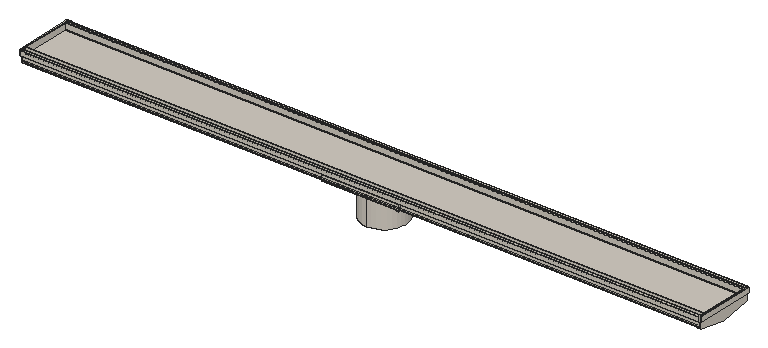
Revit family "Drain_Channel_Nero_TileInsert_80mmOutlet", category Plumbing Fixtures, Revit 2022
Family settings
  Round Connector Dimension = Use Diameter
  Part Type = Normal
  OmniClass Number = 23.31.00.00
  OmniClass Title = Plumbing Specific Products and Equipment
  Work Plane-Based = No
  Always vertical = Yes
  Cut with Voids When Loaded = Yes
  Maintain Annotation Orientation = No
  Shared = No
  Room Calculation Point = No
Parameters (values of type "Brushed Nickel (NRFG009HSBN)")
  Waste Connection = no
  WFU = 0
  Vent Connection = no
  Uniclass2015Version = "Products v1.35"
  Uniclass2015Title = "Drainage channels with gratings"
  Uniclass2015Code = "Pr_65_52_24_24"
  URL = "https://nerotapware.com.au/"
  Type Comments = "Drain - Channel - 80mm Outlet - Brushed Nickel"
  ModifiedIssue = 20251105
  Model = "NRFG009HSBN"
  Material = Metal_Nickel_Nero_Brushed
  ManufacturerURLProductSpecific = "https://nerotapware.com.au/product/tile-insert-v-channel-1200mm-floor-grate-80mm-outlet-with-hole-saw-brushed-nickel-nrfg009hsbn/"
  ManufacturerSpecCode = "NRFG009HSBN"
  ManufacturerOverallWidth = 1200 mm
  ManufacturerOverallHeight = 76 mm
  ManufacturerOverallDepth = 106 mm
  Manufacturer = "Nero"
  IfcExportType = "USERDEFINED"
  IfcExportAs = "IfcFurnitureType"
  HWFU = 0
  HW Connection = yes
  Description = "Tile Insert V Channel 1200mm Floor Grate 80mm Outlet With Hole Saw Brushed Nickel"
  Default Elevation = 0 mm
  CreatedByURL = "https://igsgroup.com.au"
  CreatedBy = "IGS BIM Solutions"  # constant formula
  CWFU = 0
  CW Connection = yes
  Assembly Code = "D2010"
Types (7, lengths in mm): name | Type Comments | Model | Material | ManufacturerURLProductSpecific | ManufacturerSpecCode | ManufacturerOverallWidth | Description
  Brushed Gold (NRFG009HSBG) | "Drain - Channel - 80mm Outlet - Brushed Gold" | "NRFG009HSBG" | Metal_Gold_Nero_Brushed | "https://nerotapware.com.au/product/tile-insert-v-channel-1200mm-floor-grate-80mm-outlet-with-hole-saw-brushed-gold-nrfg009hsbg/" | "NRFG009HSBG" | 1200 | "Tile Insert V Channel 1200mm Floor Grate 80mm Outlet With Hole Saw Brushed Gold"
  Brushed Nickel (NRFG009HSBN) | "Drain - Channel - 80mm Outlet - Brushed Nickel" | "NRFG009HSBN" | Metal_Nickel_Nero_Brushed | "https://nerotapware.com.au/product/tile-insert-v-channel-1200mm-floor-grate-80mm-outlet-with-hole-saw-brushed-nickel-nrfg009hsbn/" | "NRFG009HSBN" | 1200 | "Tile Insert V Channel 1200mm Floor Grate 80mm Outlet With Hole Saw Brushed Nickel"
  Matte Black (NRFG009HSMB) | "Drain - Channel - 80mm Outlet - Matte Black" | "NRFG009HSMB" | Metal_MatteBlack_Nero | "https://nerotapware.com.au/product/tile-insert-v-channel-1200mm-floor-grate-80mm-outlet-with-hole-saw-matte-black-nrfg009hsmb/" | "NRFG009HSMB" | 1200 | "Tile Insert V Channel 1200mm Floor Grate 80mm Outlet With Hole Saw Matte Black"
  Brushed Bronze (NRFG008HSBZ) | "Drain - Channel - 80mm Outlet - Brushed Bronze" | "NRFG008HSBZ" | Metal_Bronze_Nero_Brushed | "https://nerotapware.com.au/product/tile-insert-v-channel-600mm-floor-grate-80mm-outlet-with-hole-saw-brushed-bronze-nrfg008hsbz/" | "NRFG008HSBZ" | 600 | "Tile Insert V Channel 600mm Floor Grate 80mm Outlet With Hole Saw Brushed Bronze"
  Brushed Nickel (NRFG008HSBN) | "Drain - Channel - 80mm Outlet - Brushed Nickel" | "NRFG008HSBN" | Metal_Nickel_Nero_Brushed | "https://nerotapware.com.au/product/tile-insert-v-channel-600mm-floor-grate-80mm-outlet-with-hole-saw-brushed-nickel-nrfg008hsbn/" | "NRFG008HSBN" | 600 | "Tile Insert V Channel 600mm Floor Grate 80mm Outlet With Hole Saw Brushed Nickel"
  Brushed Gold (NRFG008HSBG) | "Drain - Channel - 80mm Outlet - Brushed Gold" | "NRFG008HSBG" | Metal_Gold_Nero_Brushed | "https://nerotapware.com.au/product/tile-insert-v-channel-600mm-floor-grate-80mm-outlet-with-hole-saw-brushed-gold-nrfg008hsbg/" | "NRFG008HSBG" | 600 | "Tile Insert V Channel 600mm Floor Grate 80mm Outlet With Hole Saw Brushed Gold"
  Matte Black (NRFG008HSMB) | "Drain - Channel - 80mm Outlet - Matte Black" | "NRFG008HSMB" | Metal_MatteBlack_Nero | "https://nerotapware.com.au/product/tile-insert-v-channel-600mm-floor-grate-80mm-outlet-with-hole-saw-matte-black-nrfg008hsmb/" | "NRFG008HSMB" | 600 | "Tile Insert V Channel 600mm Floor Grate 80mm Outlet With Hole Saw Matte Black"
Reference planes
  plane 1 "Bottom": z = -76
  plane 2 "Ref. Level": z = 0
  plane 3 "Right": x = 636.665
  plane 4 "Left": x = -563.335
  plane 5 "Center (Front/Back)": y = 73.462
  plane 6 "Back": y = 126.462
  plane 7 "Center (Left/Right)": x = 36.665
  plane 8 "Top": z = 0
  plane 9 "Front": y = 20.462
  plane 10 "LeftOffset": x = -560.335
  plane 11 "RightOffset": x = 633.665
Forms (mm)
  Extrusion 1, void
    sketch origin (0, 0, 0) x (0, 1, 0) y (-1, 0, 0)
      loop
        line (126.462, 563.335) -> (20.462, 563.335) -> (20.462, -636.665) -> (126.462, -636.665) -> (126.462, 563.335)
    from -76 to 0
  Extrusion 2, solid, material "Metal_Nickel_Nero_Brushed" <- "Material"
    sketch origin (-636.066, 73.462, 1185) x (-1, 0, 0) y (0, 0, -1)
      loop
        line (-1272.731, 1194.5) -> (-1272.731, 1186.5)
        arc (-1272.731, 1186.5) -> (-1271.231, 1185) -> (-1269.731, 1186.5) r 1.5
        line (-1269.731, 1186.5) -> (-1269.731, 1218.618) -> (-1270.931, 1218.618) -> (-1270.931, 1186.5)
        arc (-1270.931, 1186.5) -> (-1271.231, 1186.2) -> (-1271.531, 1186.5) r 0.3
        line (-1271.531, 1186.5) -> (-1271.531, 1194.5) -> (-1272.731, 1194.5)
      loop
        line (-72.731, 1194.5) -> (-73.931, 1194.5) -> (-73.931, 1186.5)
        arc (-73.931, 1186.5) -> (-74.231, 1186.2) -> (-74.531, 1186.5) r 0.3
        line (-74.531, 1186.5) -> (-74.531, 1218.618) -> (-75.731, 1218.618) -> (-75.731, 1186.5)
        arc (-75.731, 1186.5) -> (-74.231, 1185) -> (-72.731, 1186.5) r 1.5
        line (-72.731, 1186.5) -> (-72.731, 1194.5)
    from -53 to 53
  Extrusion 3, solid, material "Metal_Nickel_Nero_Brushed" <- "Material"
    sketch origin (36.665, 85, -47.5) x (0, 1, 0) y (0, 0, 1)
      loop
        line (39.178, 26.037) -> (-11.538, 16.178) -> (-62.254, 26.037)
        arc (-62.254, 26.037) -> (-62.637, 26.265) -> (-62.788, 26.684) r 0.66
        line (-62.788, 26.684) -> (-62.788, 35.262) -> (-63.988, 35.262) -> (-63.988, 26.526)
        arc (-63.988, 26.526) -> (-63.607, 25.465) -> (-62.638, 24.889) r 1.668
        line (-62.638, 24.889) -> (-12.006, 15.047)
        arc (-12.006, 15.047) -> (-11.538, 15.002) -> (-11.069, 15.047) r 2.455
        line (-11.069, 15.047) -> (39.563, 24.889)
        arc (39.563, 24.889) -> (40.531, 25.465) -> (40.912, 26.526) r 1.668
        line (40.912, 26.526) -> (40.912, 35.262) -> (39.712, 35.262) -> (39.712, 26.684)
        arc (39.712, 26.684) -> (39.562, 26.265) -> (39.178, 26.037) r 0.66
    from -67.5 to 67.5
  Revolve 4, solid, material "Metal_Nickel_Nero_Brushed" <- "Material"
    sketch origin (36.665, 85, -47.5) x (0, 1, 0) y (0, 0, 1)
      loop
        line (-11.538, 25.093) -> (-11.538, -28.5) -> (26.462, -28.5) -> (26.462, 25.093) -> (-11.538, 25.093)
      axis (-11.538, -28.5) -> (-11.538, 25.093)
    angle from 0 to 360
  Extrusion 5, void
    sketch origin (-563.335, 0, 0) x (0, 1, 0) y (0, 0, -1)
      loop
        line (20.462, 0) -> (22.267, 0) -> (22.267, 19.902)
        arc (22.267, 19.902) -> (22.658, 20.993) -> (23.653, 21.586) r 1.717
        line (23.653, 21.586) -> (72.887, 31.238)
        arc (72.887, 31.238) -> (73.462, 31.294) -> (74.037, 31.238) r 2.99
        line (74.037, 31.238) -> (123.271, 21.586)
        arc (123.271, 21.586) -> (124.267, 20.993) -> (124.658, 19.902) r 1.717
        line (124.658, 19.902) -> (124.658, 0) -> (126.462, 0) -> (126.462, 33.618) -> (20.462, 33.618) -> (20.462, 0)
    from 2 to -5
  Extrusion 6, void
    sketch origin (636.665, 0, 0) x (0, 1, 0) y (0, 0, 1)
      loop
        line (126.462, -33.618) -> (126.462, 0) -> (124.658, 0) -> (124.658, -19.902)
        arc (124.658, -19.902) -> (124.267, -20.993) -> (123.271, -21.586) r 1.717
        line (123.271, -21.586) -> (74.037, -31.238)
        arc (74.037, -31.238) -> (73.462, -31.294) -> (72.887, -31.238) r 2.99
        line (72.887, -31.238) -> (23.653, -21.586)
        arc (23.653, -21.586) -> (22.658, -20.993) -> (22.267, -19.902) r 1.717
        line (22.267, -19.902) -> (22.267, 0) -> (20.462, 0) -> (20.462, -33.618) -> (126.462, -33.618)
    from 2 to -5
  Extrusion 7, solid, material "Metal_Nickel_Nero_Brushed" <- "Material"
    sketch origin (36.665, 85, -47.5) x (0, 1, 0) y (0, 0, 1)
      loop
        arc (31.762, 37.7) -> (31.469, 36.993) -> (30.762, 36.7) r 1
        line (30.762, 36.7) -> (-53.838, 36.7)
        arc (-53.838, 36.7) -> (-54.545, 36.993) -> (-54.838, 37.7) r 1
        line (-54.838, 37.7) -> (-54.838, 47.5) -> (-56.038, 47.5) -> (-56.038, 37.7)
        arc (-56.038, 37.7) -> (-55.425, 36.176) -> (-53.926, 35.502) r 2.2
        line (-53.926, 35.502) -> (-60.445, 27.752) -> (-59.495, 27.023) -> (-53.362, 34.3) -> (30.286, 34.3) -> (36.42, 27.023) -> (37.369, 27.752) -> (30.851, 35.502)
        arc (30.851, 35.502) -> (32.349, 36.176) -> (32.962, 37.7) r 2.2
        line (32.962, 37.7) -> (32.962, 47.5) -> (31.762, 47.5) -> (31.762, 37.7)
    from -597 to 597
  Extrusion 8, solid, material "Metal_Nickel_Nero_Brushed" <- "Material"
    sketch origin (36.665, 85, -47.5) x (0, 1, 0) y (0, 0, 1)
      loop
        line (38.455, 46.006) -> (38.455, 27.683)
        arc (38.455, 27.683) -> (38.312, 27.285) -> (37.948, 27.068) r 0.627
        line (37.948, 27.068) -> (-10.45, 17.586)
        arc (-10.45, 17.586) -> (-11.538, 17.48) -> (-12.625, 17.586) r 5.656
        line (-12.625, 17.586) -> (-61.024, 27.068)
        arc (-61.024, 27.068) -> (-61.387, 27.285) -> (-61.53, 27.683) r 0.627
        line (-61.53, 27.683) -> (-61.53, 46.006)
        arc (-61.53, 46.006) -> (-63.034, 47.509) -> (-64.538, 46.006) r 1.504
        line (-64.538, 46.006) -> (-64.538, 38) -> (-63.338, 38) -> (-63.338, 46.007)
        arc (-63.338, 46.007) -> (-63.036, 46.309) -> (-62.733, 46.007) r 0.302
        line (-62.733, 46.007) -> (-62.733, 27.598)
        arc (-62.733, 27.598) -> (-62.342, 26.507) -> (-61.347, 25.914) r 1.717
        line (-61.347, 25.914) -> (-12.113, 16.262)
        arc (-12.113, 16.262) -> (-11.538, 16.206) -> (-10.963, 16.262) r 2.99
        line (-10.963, 16.262) -> (38.271, 25.914)
        arc (38.271, 25.914) -> (39.267, 26.507) -> (39.658, 27.598) r 1.717
        line (39.658, 27.598) -> (39.658, 46.007)
        arc (39.658, 46.007) -> (39.96, 46.309) -> (40.262, 46.007) r 0.302
        line (40.262, 46.007) -> (40.262, 38) -> (41.462, 38) -> (41.462, 46.006)
        arc (41.462, 46.006) -> (39.959, 47.509) -> (38.455, 46.006) r 1.504
    from -597 to 597
Cuts and joins
  Extrusion 5, Extrusion 6 cuts Extrusion 2
Lines and regions (mm)
  Masking region 1
    outline origin (0, 0, 0) x (0, 1, 0) y (-1, 0, 0)
      loop
        line (124.658, 563.335) -> (22.267, 563.335) -> (22.267, 560.335) -> (20.462, 560.335) -> (20.462, -633.665) -> (22.267, -633.665) -> (22.267, -636.665) -> (124.658, -636.665) -> (124.658, -633.665) -> (126.462, -633.665) -> (126.462, 560.335) -> (124.658, 560.335) -> (124.658, 563.335)
  symbolic lines, style "Waste Outlets", detail levels medium+fine
    curve 1: line (-560.335, 123.455, 0) -> (-560.335, 23.47, 0)
    curve 2: line (-560.335, 23.47, 0) -> (633.665, 23.47, 0)
    curve 3: line (633.665, 24.555, 0) -> (-560.335, 24.555, 0)
    curve 4: line (-560.335, 28.962, 0) -> (633.665, 28.962, 0)
    curve 5: line (633.665, 30.162, 0) -> (-560.335, 30.162, 0)
    curve 6: line (-560.335, 116.762, 0) -> (633.665, 116.762, 0)
    curve 7: line (633.665, 117.962, 0) -> (-560.335, 117.962, 0)
    curve 8: line (-560.335, 122.369, 0) -> (633.665, 122.369, 0)
    curve 9: line (633.665, 123.455, 0) -> (-560.335, 123.455, 0)
    curve 10: line (633.665, 23.47, 0) -> (633.665, 123.455, 0)
    curve 11: line (-560.335, 123.455, 0) -> (-560.335, 124.658, 0)
    curve 12: line (-560.335, 23.47, 0) -> (-560.335, 22.267, 0)
    curve 13: line (633.665, 23.47, 0) -> (633.665, 22.267, 0)
    curve 14: line (633.665, 123.455, 0) -> (633.665, 124.658, 0)
Text (mm)
  text "Disclaimer:\nDue to ongoing product development and manufacturing evolution, product details are subject to change without notice. Please refer to product technical data sheets on the manufacturers website for the most current product information. Please allow a +/- 5mm manufacturing tolerance for dimensions and set-outs shown in product literature." at (785.127, 229.217, 0), in view "Ref. Level"
Dimensions and locks
  "ManufacturerOverallWidth": plane 4 "Left" to plane 3 "Right"
  "ManufacturerOverallDepth": plane 9 "Front" to plane 6 "Back"
  equal spacing: plane 4 "Left", plane 7 "Center (Left/Right)", plane 3 "Right"
  equal spacing: plane 9 "Front", plane 5 "Center (Front/Back)", plane 6 "Back"
  "ManufacturerOverallHeight": plane 8 "Top" to plane 1 "Bottom"
  locked: plane 4 "Left" to plane 10 "LeftOffset" at 3
  locked: plane 11 "RightOffset" to plane 3 "Right" at 3
  aligned and locked: plane 9 "Front" to Extrusion 1
  aligned and locked: Extrusion 1 to plane 6 "Back"
  aligned and locked: plane 4 "Left" to Extrusion 1
  aligned and locked: plane 3 "Right" to Extrusion 1
  aligned and locked: plane 10 "LeftOffset" to Extrusion 7
  aligned and locked: plane 10 "LeftOffset" to Extrusion 8
  aligned and locked: plane 11 "RightOffset" to Extrusion 7
  aligned and locked: plane 11 "RightOffset" to Extrusion 8
Automatic sketch dimensions
  Extrusion 2 sketch curve to Extrusion 2 sketch curve = 0 mm  (x4)
  Extrusion 2 sketch curve to plane 3 "Right" = 0 mm
  plane 4 "Left" to Extrusion 2 sketch curve = 0 mm
  Extrusion 2 sketch curve to Extrusion 2 sketch curve = 1.2 mm  (x2)
  Extrusion 2 sketch curve to Extrusion 2 sketch curve = 0.3 mm
  Extrusion 2 sketch curve to plane 4 "Left" = 3 mm
  Extrusion 2 sketch curve to level = 1.5 mm  (x2)
  Extrusion 2 sketch curve to Extrusion 2 sketch curve = 8 mm  (x2)
  Extrusion 2 sketch curve to Extrusion 2 sketch curve = 24.118 mm  (x2)
  Extrusion 3 sketch curve to plane 5 "Center (Front/Back)" = 0 mm  (x2)
  plane 5 "Center (Front/Back)" to Extrusion 3 sketch curve = 0.468 mm
  Extrusion 3 sketch curve to plane 9 "Front" = 2.41 mm
  Extrusion 3 sketch curve to Extrusion 3 sketch curve = 0.126 mm  (x2)
  Extrusion 3 sketch curve to Extrusion 3 sketch curve = 0.192 mm  (x2)
  Extrusion 3 sketch curve to Extrusion 3 sketch curve = 0.384 mm  (x2)
  Extrusion 3 sketch curve to plane 9 "Front" = 1.75 mm
  Extrusion 3 sketch curve to plane 9 "Front" = 0.55 mm
  Extrusion 3 sketch curve to plane 5 "Center (Front/Back)" = 0.468 mm
  plane 6 "Back" to Extrusion 3 sketch curve = 2.41 mm
  plane 6 "Back" to Extrusion 3 sketch curve = 1.75 mm
  plane 6 "Back" to Extrusion 3 sketch curve = 0.55 mm
  Extrusion 3 sketch curve to level = 32.453 mm
  Extrusion 3 sketch curve to Extrusion 3 sketch curve = 1.131 mm
  Extrusion 3 sketch curve to Extrusion 3 sketch curve = 1.279 mm
  Extrusion 3 sketch curve to level = 22.611 mm  (x2)
  Extrusion 3 sketch curve to Extrusion 3 sketch curve = 0.49 mm  (x2)
  Extrusion 3 sketch curve to Extrusion 3 sketch curve = 8.577 mm  (x2)
  Revolve 4 sketch curve to plane 5 "Center (Front/Back)" = 0 mm  (x2)
  Revolve 4 sketch curve to plane 1 "Bottom" = 0 mm
  plane 6 "Back" to Revolve 4 sketch curve = 15 mm
  Revolve 4 sketch curve to level = 22.407 mm
  plane 1 "Bottom" to Revolve 4 sketch curve = 5 mm
  Revolve 4 sketch curve to Revolve 4 sketch curve = 16.731 mm
  Extrusion 5 sketch curve to level = 0 mm
  Extrusion 5 sketch curve to plane 9 "Front" = 0 mm
  plane 6 "Back" to Extrusion 5 sketch curve = 0 mm
  plane 9 "Front" to Extrusion 6 sketch curve = 0 mm
  plane 6 "Back" to Extrusion 6 sketch curve = 0 mm
  Extrusion 5 sketch curve to plane 5 "Center (Front/Back)" = 0.575 mm
  Extrusion 5 sketch curve to plane 5 "Center (Front/Back)" = 0 mm
  Extrusion 5 sketch curve to Extrusion 5 sketch curve = 2.934 mm
  plane 5 "Center (Front/Back)" to Extrusion 5 sketch curve = 0.575 mm
  level to Extrusion 5 sketch curve = 0 mm
  level to Extrusion 5 sketch curve = 33.618 mm
  Extrusion 5 sketch curve to plane 6 "Back" = 3.521 mm
  Extrusion 5 sketch curve to Extrusion 5 sketch curve = 0.33 mm
  Extrusion 5 sketch curve to Extrusion 5 sketch curve = 1.717 mm  (x2)
  Extrusion 5 sketch curve to Extrusion 5 sketch curve = 12.031 mm  (x2)
  level to Extrusion 5 sketch curve = 31.238 mm
  Extrusion 5 sketch curve to Extrusion 5 sketch curve = 1.387 mm
  plane 9 "Front" to Extrusion 5 sketch curve = 1.804 mm
  Extrusion 6 sketch curve to Extrusion 6 sketch curve = 1.717 mm
  Extrusion 6 sketch curve to level = 0 mm  (x2)
  plane 5 "Center (Front/Back)" to Extrusion 6 sketch curve = 0.575 mm
  Extrusion 6 sketch curve to plane 9 "Front" = 1.804 mm
  Extrusion 6 sketch curve to Extrusion 6 sketch curve = 0.33 mm  (x2)
  Extrusion 6 sketch curve to level = 21.586 mm
  Extrusion 6 sketch curve to Extrusion 6 sketch curve = 12.031 mm  (x2)
  Extrusion 6 sketch curve to level = 31.238 mm
  Extrusion 6 sketch curve to plane 5 "Center (Front/Back)" = 0.575 mm
  Extrusion 6 sketch curve to Extrusion 6 sketch curve = 0 mm
  plane 6 "Back" to Extrusion 6 sketch curve = 3.521 mm
  plane 6 "Back" to Extrusion 6 sketch curve = 1.804 mm
  Extrusion 6 sketch curve to Extrusion 6 sketch curve = 2.934 mm
  Extrusion 7 sketch curve to Extrusion 7 sketch curve = 0 mm  (x4)
  Extrusion 7 sketch curve to level = 0 mm  (x2)
  Extrusion 7 sketch curve to plane 9 "Front" = 4.093 mm
  Extrusion 7 sketch curve to Extrusion 7 sketch curve = 0.949 mm  (x2)
  Extrusion 7 sketch curve to plane 9 "Front" = 8.5 mm
  Extrusion 7 sketch curve to Extrusion 7 sketch curve = 1.2 mm  (x2)
  Extrusion 7 sketch curve to Extrusion 7 sketch curve = 0.911 mm
  Extrusion 7 sketch curve to Extrusion 7 sketch curve = 1 mm
  Extrusion 7 sketch curve to Extrusion 7 sketch curve = 0.564 mm
  plane 6 "Back" to Extrusion 7 sketch curve = 11.176 mm
  Extrusion 7 sketch curve to Extrusion 7 sketch curve = 0.476 mm
  Extrusion 7 sketch curve to Extrusion 7 sketch curve = 0.089 mm
  plane 6 "Back" to Extrusion 7 sketch curve = 9.7 mm
  plane 6 "Back" to Extrusion 7 sketch curve = 5.042 mm
  Extrusion 7 sketch curve to level = 9.8 mm
  Extrusion 7 sketch curve to Extrusion 7 sketch curve = 1.202 mm
  Extrusion 7 sketch curve to Extrusion 7 sketch curve = 6.548 mm  (x2)
  Extrusion 7 sketch curve to Extrusion 7 sketch curve = 0.73 mm  (x2)
  Extrusion 8 sketch curve to plane 5 "Center (Front/Back)" = 0 mm  (x2)
  plane 5 "Center (Front/Back)" to Extrusion 8 sketch curve = 0.575 mm
  plane 5 "Center (Front/Back)" to Extrusion 8 sketch curve = 1.087 mm
  Extrusion 8 sketch curve to plane 9 "Front" = 3.635 mm
  Extrusion 8 sketch curve to Extrusion 8 sketch curve = 0.113 mm  (x2)
  Extrusion 8 sketch curve to Extrusion 8 sketch curve = 0.007 mm  (x2)
  Extrusion 8 sketch curve to Extrusion 8 sketch curve = 0.323 mm  (x2)
  Extrusion 8 sketch curve to Extrusion 8 sketch curve = 0.514 mm  (x2)
  Extrusion 8 sketch curve to Extrusion 8 sketch curve = 1.203 mm  (x2)
  Extrusion 8 sketch curve to Extrusion 8 sketch curve = 0.301 mm  (x2)
  Extrusion 8 sketch curve to Extrusion 8 sketch curve = 0.001 mm  (x4)
  Extrusion 8 sketch curve to plane 5 "Center (Front/Back)" = 0.575 mm
  Extrusion 8 sketch curve to plane 5 "Center (Front/Back)" = 1.087 mm
  plane 6 "Back" to Extrusion 8 sketch curve = 3.635 mm
  Extrusion 8 sketch curve to level = 31.238 mm
  Extrusion 8 sketch curve to Extrusion 8 sketch curve = 1.324 mm
  Extrusion 8 sketch curve to Extrusion 8 sketch curve = 1.61 mm
  Extrusion 8 sketch curve to Extrusion 8 sketch curve = 3.94 mm
  Extrusion 8 sketch curve to level = 21.586 mm  (x2)
  Extrusion 8 sketch curve to Extrusion 8 sketch curve = 0.531 mm  (x2)
  Extrusion 8 sketch curve to level = 9.5 mm  (x2)
  Extrusion 8 sketch curve to level = 1.494 mm  (x2)
  Extrusion 1 sketch curve to plane 4 "Left" = 0 mm
  plane 9 "Front" to Extrusion 1 sketch curve = 0 mm
  plane 6 "Back" to Extrusion 1 sketch curve = 0 mm
  Extrusion 1 sketch curve to plane 3 "Right" = 0 mm
  Masking region 1 sketch curve to plane 10 "LeftOffset" = 0 mm  (x2)
  Masking region 1 sketch curve to plane 11 "RightOffset" = 0 mm  (x2)
  Masking region 1 sketch curve to plane 4 "Left" = 0 mm
  Masking region 1 sketch curve to plane 3 "Right" = 0 mm
  plane 9 "Front" to Masking region 1 sketch curve = 0 mm
  Masking region 1 sketch curve to plane 9 "Front" = 1.804 mm  (x2)
  plane 6 "Back" to Masking region 1 sketch curve = 1.804 mm  (x2)
  Masking region 1 sketch curve to plane 6 "Back" = 0 mm
  curve 12 to plane 10 "LeftOffset" = 0 mm
  curve 14 to plane 11 "RightOffset" = 0 mm
  curve 2 to plane 9 "Front" = 3.007 mm
  plane 6 "Back" to curve 9 = 3.007 mm
  curve 13 to curve 2 = 1.203 mm
  curve 12 to curve 1 = 1.203 mm
  curve 2 to curve 3 = 1.086 mm
  curve 3 to curve 4 = 4.407 mm
  curve 4 to curve 5 = 1.2 mm
  curve 6 to curve 9 = 6.693 mm
  curve 6 to curve 7 = 1.2 mm
  curve 8 to curve 9 = 1.086 mm
  curve 9 to curve 14 = 1.203 mm
  curve 1 to curve 11 = 1.203 mm
Connectors
  piping at (36.665, 73.462, -76), diameter 75
    settings: on Revolve 4, index 1, connector inside diameter 609.6 mm, connector length 0 mm, flow factor 0, pipe flow 0.0 L/s, pressure drop 0.0 Pa, fitting loss kfactor 0, connector angle 0.00°, fixture units 0, engagement length 0 mm, angle of deflection 0.00°, flow configuration 2, flow direction 2, fitting loss method 4, system type 16, joint type 0, gender type 0, connector reference index -1, connector utility 1, adjustable connector no, is connector primary yes, connector description "Waste Outlet"
